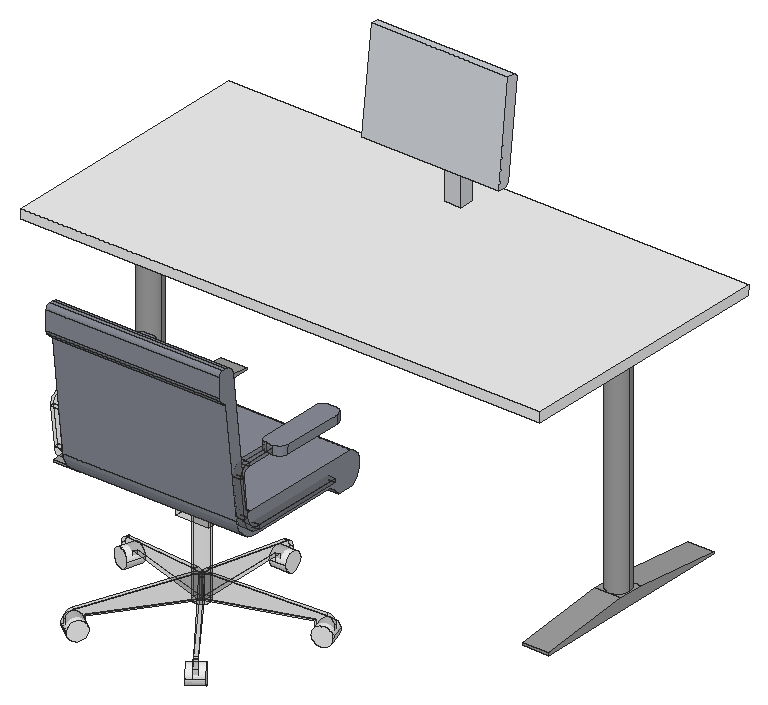
Revit family "Office Space", category Furniture, Revit 2015
Parameters (values of type "Office Space")
  Width = 1600 mm
  Space = 1600 mm
  Screen [instance] = yes
  Material Table Base [instance] = Stainless Steel
  Material Seat/Back [instance] = Slate Blue
  Material Plate [instance] = White
  Material Caster [instance] = Chrome Polished
  Material Chair Base [instance] = Plastic Black
  Height = 720 mm
  Divider [instance] = no
  Desk [instance] = Office Desk : Office Desk
  Depth = 800 mm
  Chair [instance] = Chair Task Arms : Chair Task Arms
Reference planes
  plane 1 "Center (Front/Back)": y = 0
  plane 2: z = 0
  plane 3 "Center (Left/Right)": x = 0
Lines and regions (mm)
  symbolic lines, style "InvisibleLines", detail levels coarse
    curve 1: line (-800, -2000, 0) -> (800, -2000, 0)
Dimensions and locks
  "Space": nested 1 to curve 1
  locked: nested 1 to nested 2 at 300
  aligned and locked: level to plane 2
Automatic sketch dimensions
  curve 1 to plane 3 "Center (Left/Right)" = 800 mm
  plane 3 "Center (Left/Right)" to curve 1 = 800 mm
Nested families
  nested 1: "Office Desk" at (190, 0, 0), Screen <- "Screen", Divider <- "Divider", Material Plate <- "Material Plate", Material Base <- "Material Table Base", Height <- "Height", Depth <- "Depth", Width <- "Width", type <- "Desk", type "Office Desk"
    with Width 1600 mm, Screen yes, Material Plate White, Material Base Stainless Steel, Height 720 mm, Divider no, Depth 800 mm
  nested 2: "Chair Task Arms" at (-140.991, -681.054, 0), Material Base <- "Material Chair Base", Material Seat/Back <- "Material Seat/Back", Material Caster <- "Material Caster", type <- "Chair", type "Chair Task Arms"
    with Material Seat/Back Slate Blue, Material Caster Chrome Polished, Material Base Plastic Black
Definition of nested family "Office Desk"
  Parameters
    Screen [instance] = yes
    Material Plate [instance] = none
    Material Base [instance] = none
    Height [instance] = 720 mm
    Divider [instance] = no
    Depth [instance] = 800 mm
    Width [instance] = 1600 mm
    Assembly Code = ""
  Reference planes
    plane 1 "Center (Front/Back)": y = 0
    plane 2: z = 0
    plane 3 "Center (Left/Right)": x = -190
    plane 4 "Tableheight": z = 720
    plane 5 "Left": x = -990
    plane 6: x = 610
    plane 7: y = 400
    plane 8: y = -400
    plane 9: x = -910
    plane 10: x = 530
  Forms (mm)
    Extrusion 1, solid, material <- "Material Plate"
      sketch origin (48.853, -30.184, 720) x (-1, 0, 0) y (0, -1, 0)
        loop
          line (1038.853, 369.816) -> (-561.147, 369.816) -> (-561.147, -430.184) -> (1038.853, -430.184) -> (1038.853, 369.816)
      from 0 to -30
    Extrusion 2, solid, material <- "Material Base"
      sketch origin (-1000, 1.534, 0) x (0, 1, 0) y (0, 0, 1)
        loop
          line (40, 35) -> (-40, 35) -> (-321.534, 5.732) -> (-321.534, 0) -> (0, 0) -> (318.466, 0) -> (318.466, 5.732) -> (40, 35)
      from 50 to 130
    Extrusion 3, solid, material <- "Material Base"
      sketch origin (-300, 0, 0) x (1, 0, 0) y (0, 1, 0)
        loop
          circle (-610, 0) r 35
      from 35 to 690
    Extrusion 4, solid, material <- "Material Base"
      sketch origin (520, 0, 0) x (0, -1, 0) y (0, 0, 1)
        loop
          line (-40, 35) -> (-318.466, 5.732) -> (-318.466, 0) -> (0, 0) -> (318.466, 0) -> (318.466, 5.732) -> (40, 35) -> (-40, 35)
      from -50 to 30
    Extrusion 5, solid, material <- "Material Base"
      sketch origin (-180, 0, 0) x (-1, 0, 0) y (0, -1, 0)
        loop
          circle (-710, 0) r 35
      from 35 to 690
    Extrusion 6, solid, material <- "Material Plate", visible <- "Divider"
      sketch origin (48.853, -30.184, 720) x (-1, 0, 0) y (0, -1, 0)
        loop
          line (1038.853, -430.184) -> (1038.853, -405.184) -> (-561.147, -405.184) -> (-561.147, -430.184) -> (1038.853, -430.184)
      from 0 to 400
  Dimensions and locks
    "Width": plane 5 "Left" to plane 6
    equal spacing: plane 5 "Left", plane 3 "Center (Left/Right)", plane 6
    "Depth": plane 7 to plane 8
    equal spacing: Extrusion 2, plane 9, Extrusion 2, locked at 40 each
    locked: plane 5 "Left" to plane 9 at 80
    equal spacing: Extrusion 4, plane 10, Extrusion 4, locked at 40 each
    locked: plane 10 to plane 6 at 80
    equal spacing: Extrusion 2, plane 1 "Center (Front/Back)", Extrusion 2
    equal spacing: plane 7, plane 1 "Center (Front/Back)", plane 8
    locked: plane 7 to nested 1 at 180
    "Height": plane 4 "Tableheight" to level
    aligned: plane 5 "Left" to Extrusion 1
    aligned and locked: plane 6 to Extrusion 1
    aligned: Extrusion 1 to plane 5 "Left"
    aligned and locked: Extrusion 1 to plane 6
    aligned and locked: plane 7 to Extrusion 1
    aligned and locked: Extrusion 1 to plane 8
    aligned and locked: Extrusion 1 to plane 5 "Left"
    aligned and locked: plane 3 "Center (Left/Right)" to nested 1
    aligned and locked: Extrusion 5 to Extrusion 1
    aligned and locked: Extrusion 3 to Extrusion 1
    aligned and locked: Extrusion 1 to nested 1
    aligned and locked: Extrusion 6 sketch curve to plane 6
  Automatic sketch dimensions
    Extrusion 2 sketch curve to Extrusion 2 sketch curve = 281.534 mm
    Extrusion 2 sketch curve to Extrusion 2 sketch curve = 40 mm  (x2)
    Extrusion 2 sketch curve to Extrusion 2 sketch curve = 278.466 mm
    Extrusion 2 sketch curve to Extrusion 2 sketch curve = 5.732 mm  (x2)
    Extrusion 2 sketch curve to Extrusion 2 sketch curve = 35 mm
    Extrusion 4 sketch curve to Extrusion 4 sketch curve = 278.466 mm  (x2)
    Extrusion 4 sketch curve to Extrusion 4 sketch curve = 40 mm  (x2)
    Extrusion 4 sketch curve to Extrusion 4 sketch curve = 5.732 mm  (x2)
    Extrusion 4 sketch curve to Extrusion 4 sketch curve = 35 mm
    Extrusion 1 sketch curve to plane 6 = 0 mm
    plane 5 "Left" to Extrusion 1 sketch curve = 0 mm
    plane 7 to Extrusion 1 sketch curve = 0 mm
    Extrusion 1 sketch curve to plane 8 = 0 mm
    Extrusion 2 sketch curve to level = 0 mm
    Extrusion 2 sketch curve to plane 1 "Center (Front/Back)" = 1.534 mm
    plane 1 "Center (Front/Back)" to Extrusion 3 sketch curve = 0 mm
    Extrusion 3 sketch curve to plane 9 = 0 mm
    Extrusion 4 sketch curve to level = 0 mm
    Extrusion 4 sketch curve to plane 1 "Center (Front/Back)" = 0 mm
    plane 1 "Center (Front/Back)" to Extrusion 5 sketch curve = 0 mm
    Extrusion 5 sketch curve to plane 10 = 0 mm
    Extrusion 6 sketch curve to plane 5 "Left" = 0 mm
    Extrusion 6 sketch curve to plane 7 = 0 mm
    Extrusion 6 sketch curve to Extrusion 6 sketch curve = 25 mm
    radius of Extrusion 3 sketch curve = 35 mm
    radius of Extrusion 5 sketch curve = 35 mm
  Nested families
    nested 1: "Computerscreen" at (-190, 220, 0), visible <- "Screen", type "Computerscreen"
      with table height 720 mm
  Definition of nested family "Computerscreen"
    Parameters
      table height [instance] = 720 mm
      material = none
    Reference planes
      plane 1 "Center (Front/Back)": y = 0
      plane 2: z = 0
      plane 3 "Center (Left/Right)": x = 0
      plane 4 "Table height": z = 720
    Forms (mm)
      Extrusion 1, solid
        sketch origin (-25, 0, 0) x (0, 1, 0) y (0, 0, 1)
          loop
            line (0, 1027.5) -> (0, 975.179) -> (12.755, 975.179)
            arc (12.755, 975.179) -> (17.084, 974.704) -> (21.208, 973.305) r 20
            line (21.208, 973.305) -> (32.831, 967.885)
            arc (32.831, 967.885) -> (41.246, 960.505) -> (44.378, 949.759) r 20
            line (44.378, 949.759) -> (44.378, 720) -> (84.378, 720) -> (84.378, 989.401)
            arc (84.378, 989.401) -> (81.246, 1000.147) -> (72.831, 1007.528) r 20
            line (72.831, 1007.528) -> (34.018, 1025.626)
            arc (34.018, 1025.626) -> (29.895, 1027.026) -> (25.566, 1027.5) r 20
            line (25.566, 1027.5) -> (0, 1027.5)
        from 0 to 50
      Extrusion 2, solid
        sketch origin (-210, -128.635, -30.513) x (0, 0.992546, -0.121869) y (0, 0.121869, 0.992546)
          loop
            line (-25, 1205.68) -> (-25, 904.467) -> (0, 904.467) -> (10.607, 915.074) -> (10.607, 1195.074) -> (0, 1205.68) -> (-25, 1205.68)
        from 0 to 420
    Dimensions and locks
      "table height": plane 4 "Table height" to level
      aligned: plane 4 "Table height" to Extrusion 1 sketch curve
    Automatic sketch dimensions
      plane 1 "Center (Front/Back)" to Extrusion 2 sketch curve = 43.222 mm
      plane 4 "Table height" to Extrusion 2 sketch curve = 150.259 mm
      Extrusion 2 sketch curve to Extrusion 2 sketch curve = 25 mm  (x2)
      Extrusion 2 sketch curve to Extrusion 2 sketch curve = 10.607 mm  (x3)
      Extrusion 2 sketch curve to Extrusion 2 sketch curve = 280 mm
      Extrusion 1 sketch curve to plane 1 "Center (Front/Back)" = 0 mm
      Extrusion 1 sketch curve to plane 4 "Table height" = 0 mm
      Extrusion 1 sketch curve to Extrusion 1 sketch curve = 12.755 mm
      Extrusion 1 sketch curve to Extrusion 1 sketch curve = 8.452 mm  (x3)
      Extrusion 1 sketch curve to Extrusion 1 sketch curve = 11.623 mm  (x2)
      Extrusion 1 sketch curve to Extrusion 1 sketch curve = 25.566 mm
      Extrusion 1 sketch curve to plane 1 "Center (Front/Back)" = 44.378 mm
      Extrusion 1 sketch curve to Extrusion 1 sketch curve = 31.548 mm
      Extrusion 1 sketch curve to Extrusion 1 sketch curve = 40 mm
      plane 4 "Table height" to Extrusion 1 sketch curve = 229.759 mm
      Extrusion 1 sketch curve to Extrusion 1 sketch curve = 5.42 mm  (x2)
      Extrusion 1 sketch curve to Extrusion 1 sketch curve = 21.517 mm
      Extrusion 1 sketch curve to Extrusion 1 sketch curve = 34.195 mm
      Extrusion 1 sketch curve to Extrusion 1 sketch curve = 18.126 mm
Definition of nested family "Chair Task Arms"
  Parameters
    Assembly Code = ""
    Material Base [instance] = none
    Material Caster [instance] = none
    Material Seat/Back [instance] = none
  Reference planes
    plane 1 "Center (Front/Back)": y = 18.946
    plane 2: z = 0
    plane 3 "Center (Left/Right)": x = 140.991
    plane 4: x = 458.491
    plane 5: x = -176.509
    plane 6: y = -323.954
    plane 7: y = 361.846
    plane 8: z = 889
    plane 9 "Seat": z = 457.2
    plane 10: y = 285.646
    plane 11: z = 863.6
    plane 12: y = -247.754
    plane 13: y = -222.354
    plane 14: z = 431.8
    plane 15: y = 260.246
    plane 16: z = 787.4
    plane 17: z = 355.6
    plane 18: x = 191.791
    plane 19: x = 90.191
    plane 20: x = 420.391
    plane 21: x = -138.409
    plane 22: z = 609.6
    plane 23: z = 609.6
  Forms (mm)
    Extrusion 1, solid, material <- "Material Seat/Back"
      sketch origin (458.491, 37.892, 0) x (0, 1, 0) y (0, 0, 1)
        loop
          arc (-255.01, 457.2) -> (-259.851, 456.241) -> (-263.96, 453.51) r 12.7
          line (-263.96, 453.51) -> (-281.896, 435.694)
          arc (-281.896, 435.694) -> (-284.671, 431.563) -> (-285.646, 426.684) r 12.7
          line (-285.646, 426.684) -> (-285.646, 391.641)
          arc (-285.646, 391.641) -> (-283.729, 381.96) -> (-278.266, 373.74) r 25.4
          line (-278.266, 373.74) -> (-260.247, 355.6) -> (-209.447, 355.6) -> (-181.074, 383.784) -> (107.109, 383.784)
          arc (107.109, 383.784) -> (157.745, 403.041) -> (182.787, 451.08) r 76.2
          line (182.787, 451.08) -> (222.354, 787.4) -> (244.034, 809.08)
          arc (244.034, 809.08) -> (246.787, 813.2) -> (247.754, 818.061) r 12.7
          line (247.754, 818.061) -> (247.754, 876.3)
          arc (247.754, 876.3) -> (244.034, 885.28) -> (235.054, 889) r 12.7
          line (235.054, 889) -> (222.179, 889)
          arc (222.179, 889) -> (205.3, 882.581) -> (196.953, 866.568) r 25.4
          line (196.953, 866.568) -> (151.431, 479.632)
          arc (151.431, 479.632) -> (143.084, 463.619) -> (126.205, 457.2) r 25.4
          line (126.205, 457.2) -> (-255.01, 457.2)
      from -50.8 to -584.2
    Extrusion 2, solid, material <- "Material Base"
      sketch origin (90.191, 37.892, 0) x (0, 1, 0) y (0, 0, 1)
        loop
          line (19.154, 383.784) -> (-69.746, 383.784) -> (-69.746, 371.084) -> (-18.946, 283.095) -> (19.154, 283.095) -> (19.154, 383.784)
      from 0 to 101.6
    Extrusion 3, solid, material <- "Material Base"
      sketch origin (140.991, 37.892, 0) x (0, -1, 0) y (0, 0, 1)
        loop
          line (18.946, 53.584) -> (311.046, 53.584) -> (311.046, 28.184) -> (361.846, 28.184) -> (361.846, 52.487)
          arc (361.846, 52.487) -> (355.903, 68.813) -> (340.857, 77.501) r 25.4
          line (340.857, 77.501) -> (44.346, 129.784) -> (18.946, 129.784) -> (18.946, 53.584)
      from 6.35 to -6.35
    Extrusion 4, solid, material <- "Material Caster"
      sketch origin (140.991, 37.892, 0) x (0, -1, 0) y (0, 0, 1)
        loop
          circle (336.446, 28.184) r 28.2
      from 25.4 to -25.4
    Extrusion 5, solid, material <- "Material Base"
      sketch origin (122.972, 24.801, 0) x (0.951057, -0.309017, 0) y (0, 0, 1)
        loop
          line (18.946, 53.584) -> (311.046, 53.584) -> (311.046, 28.184) -> (361.846, 28.184) -> (361.846, 52.487)
          arc (361.846, 52.487) -> (355.903, 68.813) -> (340.857, 77.501) r 25.4
          line (340.857, 77.501) -> (44.346, 129.784) -> (18.946, 129.784) -> (18.946, 53.584)
      from 6.35 to -6.35
    Extrusion 6, solid, material <- "Material Caster"
      sketch origin (122.972, 24.801, 0) x (0.951057, -0.309017, 0) y (0, 0, 1)
        loop
          circle (336.446, 28.184) r 28.2
      from 25.4 to -25.4
    Extrusion 7, solid, material <- "Material Base"
      sketch origin (129.855, 3.618, 0) x (0.587785, 0.809017, 0) y (0, 0, 1)
        loop
          line (18.946, 53.584) -> (311.046, 53.584) -> (311.046, 28.184) -> (361.846, 28.184) -> (361.846, 52.487)
          arc (361.846, 52.487) -> (355.903, 68.813) -> (340.857, 77.501) r 25.4
          line (340.857, 77.501) -> (44.346, 129.784) -> (18.946, 129.784) -> (18.946, 53.584)
      from 6.35 to -6.35
    Extrusion 8, solid, material <- "Material Caster"
      sketch origin (129.855, 3.618, 0) x (0.587785, 0.809017, 0) y (0, 0, 1)
        loop
          circle (336.446, 28.184) r 28.2
      from 25.4 to -25.4
    Extrusion 9, solid, material <- "Material Base"
      sketch origin (152.127, 3.618, 0) x (-0.587785, 0.809017, 0) y (0, 0, 1)
        loop
          line (18.946, 53.584) -> (311.046, 53.584) -> (311.046, 28.184) -> (361.846, 28.184) -> (361.846, 52.487)
          arc (361.846, 52.487) -> (355.903, 68.813) -> (340.857, 77.501) r 25.4
          line (340.857, 77.501) -> (44.346, 129.784) -> (18.946, 129.784) -> (18.946, 53.584)
      from 6.35 to -6.35
    Extrusion 10, solid, material <- "Material Caster"
      sketch origin (152.127, 3.618, 0) x (-0.587785, 0.809017, 0) y (0, 0, 1)
        loop
          circle (336.446, 28.184) r 28.2
      from 25.4 to -25.4
    Extrusion 11, solid, material <- "Material Base"
      sketch origin (159.009, 24.801, 0) x (-0.951057, -0.309017, 0) y (0, 0, 1)
        loop
          line (18.946, 53.584) -> (311.046, 53.584) -> (311.046, 28.184) -> (361.846, 28.184) -> (361.846, 52.487)
          arc (361.846, 52.487) -> (355.903, 68.813) -> (340.857, 77.501) r 25.4
          line (340.857, 77.501) -> (44.346, 129.784) -> (18.946, 129.784) -> (18.946, 53.584)
      from 6.35 to -6.35
    Extrusion 12, solid, material <- "Material Caster"
      sketch origin (159.009, 24.801, 0) x (-0.951057, -0.309017, 0) y (0, 0, 1)
        loop
          circle (336.446, 28.184) r 28.2
      from 25.4 to -25.4
    Extrusion 13, solid, material <- "Material Base"
      sketch origin (281.982, 37.892, 0) x (-1, 0, 0) y (0, -1, 0)
        loop
          circle (140.991, 18.946) r 25.4
      from 53.584 to 384.175
    Sweep 14, solid, material <- "Material Base"
      path origin (-138.409, 37.892, 0) x (0, 1, 0) y (0, 0, 1)
        loop
          line (-167.032, 419.1) -> (128.329, 419.1)
          arc (128.329, 419.1) -> (162.087, 431.938) -> (178.781, 463.964) r 50.8
          line (178.781, 463.964) -> (192.578, 581.232)
          arc (192.578, 581.232) -> (186.332, 601.079) -> (167.352, 609.6) r 25.4
          line (167.352, 609.6) -> (-18.946, 609.6)
      profile origin (420.391, 18.54, 0) x (0, 0, 1) y (1, 0, 0)
        loop
          line (425.45, -546.1) -> (412.75, -546.1) -> (412.75, -571.5) -> (425.45, -571.5) -> (425.45, -546.1)
    Sweep 15, solid, material <- "Material Base"
      path origin (420.391, 37.892, 0) x (0, 1, 0) y (0, 0, 1)
        loop
          line (-167.032, 419.1) -> (126.239, 419.1)
          arc (126.239, 419.1) -> (159.996, 431.938) -> (176.691, 463.964) r 50.8
          line (176.691, 463.964) -> (190.487, 581.232)
          arc (190.487, 581.232) -> (184.242, 601.079) -> (165.261, 609.6) r 25.4
          line (165.261, 609.6) -> (-18.946, 609.6)
      profile origin (-138.409, 17.495, 0) x (0, 0, 1) y (1, 0, 0)
        loop
          line (412.75, 546.1) -> (425.45, 546.1) -> (425.45, 571.5) -> (412.75, 571.5) -> (412.75, 546.1)
    Extrusion 16, solid, material <- "Material Seat/Back"
      sketch origin (-125.709, -129.14, 425.45) x (0, 1, 0) y (-1, 0, 0)
        loop
          line (241.235, 6.35) -> (241.235, 25.4)
          arc (241.235, 25.4) -> (233.795, 43.361) -> (215.835, 50.8) r 25.4
          line (215.835, 50.8) -> (25.4, 50.8)
          arc (25.4, 50.8) -> (7.439, 43.361) -> (0, 25.4) r 25.4
          line (0, 25.4) -> (0, 6.35)
          arc (0, 6.35) -> (7.439, -11.611) -> (25.4, -19.05) r 25.4
          line (25.4, -19.05) -> (215.835, -19.05)
          arc (215.835, -19.05) -> (233.795, -11.611) -> (241.235, 6.35) r 25.4
        loop
          line (240.19, -558.8) -> (240.19, -539.75)
          arc (240.19, -539.75) -> (232.75, -521.789) -> (214.79, -514.35) r 25.4
          line (214.79, -514.35) -> (25.4, -514.35)
          arc (25.4, -514.35) -> (7.439, -521.789) -> (0, -539.75) r 25.4
          line (0, -539.75) -> (0, -558.8)
          arc (0, -558.8) -> (7.439, -576.761) -> (25.4, -584.2) r 25.4
          line (25.4, -584.2) -> (214.79, -584.2)
          arc (214.79, -584.2) -> (232.75, -576.761) -> (240.19, -558.8) r 25.4
      from 171.45 to 196.85
  Lines and regions (mm)
    Masking region 1
      outline origin (281.982, 37.892, 457.2) x (0, 1, 0) y (-1, 0, 0)
        loop
          arc (126.205, -74.909) -> (141.084, -110.83) -> (177.005, -125.709) r 50.8
          line (177.005, -125.709) -> (222.354, -125.709)
          arc (222.354, -125.709) -> (240.315, -118.27) -> (247.754, -100.309) r 25.4
          line (247.754, -100.309) -> (247.754, 382.291)
          arc (247.754, 382.291) -> (240.315, 400.251) -> (222.354, 407.691) r 25.4
          line (222.354, 407.691) -> (177.005, 407.691)
          arc (177.005, 407.691) -> (141.084, 392.812) -> (126.205, 356.891) r 50.8
          line (126.205, 356.891) -> (126.205, -74.909)
    Masking region 2
      outline origin (281.982, 37.892, 457.2) x (0, 1, 0) y (-1, 0, 0)
        loop
          line (-281.896, -132.059) -> (-168.214, -132.059)
          arc (-168.214, -132.059) -> (-158.755, -109.222) -> (-135.918, -99.763) r 32.296
          line (-135.918, -99.763) -> (43.787, -99.763)
          arc (43.787, -99.763) -> (66.624, -109.222) -> (76.084, -132.059) r 32.296
          line (76.084, -132.059) -> (218.634, -132.059)
          arc (218.634, -132.059) -> (232.832, -127.721) -> (242.18, -116.187) r 25.4
          arc (242.18, -116.187) -> (233.351, -123.205) -> (222.354, -125.709) r 25.4
          line (222.354, -125.709) -> (177.005, -125.709)
          arc (177.005, -125.709) -> (141.084, -110.83) -> (126.205, -74.909) r 50.8
          line (126.205, -74.909) -> (126.205, 356.891)
          arc (126.205, 356.891) -> (141.084, 392.812) -> (177.005, 407.691) r 50.8
          line (177.005, 407.691) -> (222.354, 407.691)
          arc (222.354, 407.691) -> (233.351, 405.187) -> (242.18, 398.169) r 25.4
          arc (242.18, 398.169) -> (232.832, 409.702) -> (218.634, 414.041) r 25.4
          line (218.634, 414.041) -> (77.12, 414.041)
          arc (77.12, 414.041) -> (67.664, 391.213) -> (44.836, 381.757) r 32.284
          line (44.836, 381.757) -> (-135.924, 381.757)
          arc (-135.924, 381.757) -> (-158.752, 391.213) -> (-168.208, 414.041) r 32.284
          line (-168.208, 414.041) -> (-281.896, 414.041) -> (-281.896, -132.059)
    Masking region 3
      outline origin (281.982, 37.892, 457.2) x (0, 1, 0) y (-1, 0, 0)
        loop
          arc (-168.214, -151.084) -> (-160.549, -169.591) -> (-142.042, -177.256) r 26.172
          line (-142.042, -177.256) -> (49.214, -177.256)
          arc (49.214, -177.256) -> (68.214, -169.386) -> (76.084, -150.387) r 26.869
          line (76.084, -150.387) -> (76.084, -132.059)
          arc (76.084, -132.059) -> (66.624, -109.222) -> (43.787, -99.763) r 32.296
          line (43.787, -99.763) -> (-135.918, -99.763)
          arc (-135.918, -99.763) -> (-158.755, -109.222) -> (-168.214, -132.059) r 32.296
          line (-168.214, -132.059) -> (-168.214, -151.084)
        loop
          line (-168.208, 433.067) -> (-168.208, 414.041)
          arc (-168.208, 414.041) -> (-158.752, 391.213) -> (-135.924, 381.757) r 32.284
          line (-135.924, 381.757) -> (44.836, 381.757)
          arc (44.836, 381.757) -> (67.664, 391.213) -> (77.12, 414.041) r 32.284
          line (77.12, 414.041) -> (77.12, 432.371)
          arc (77.12, 432.371) -> (69.251, 451.367) -> (50.255, 459.235) r 26.864
          line (50.255, 459.235) -> (-142.04, 459.235)
          arc (-142.04, 459.235) -> (-160.544, 451.571) -> (-168.208, 433.067) r 26.168
    symbolic lines, not visible
      curve 1: line (382.291, 285.646, 0) -> (-100.309, 285.646, 0)
      curve 2: line (407.691, 260.246, 0) -> (407.691, 214.897, 0)
      curve 3: line (356.891, 164.097, 0) -> (-74.909, 164.097, 0)
      curve 4: line (-125.709, 260.246, 0) -> (-125.709, 214.897, 0)
      curve 5: arc (356.891, 164.097, 0) -> (392.812, 178.976, 0) -> (407.691, 214.897, 0) r 50.8
      curve 6: arc (-74.909, 164.097, 0) -> (-110.83, 178.976, 0) -> (-125.709, 214.897, 0) r 50.8
      curve 7: arc (407.691, 260.246, 0) -> (400.251, 278.206, 0) -> (382.291, 285.646, 0) r 25.4
      curve 8: arc (-125.709, 260.246, 0) -> (-118.27, 278.206, 0) -> (-100.309, 285.646, 0) r 25.4
      curve 9: line (414.041, -244.004, 0) -> (-132.059, -244.004, 0)
      curve 10: line (414.041, 113.975, 0) -> (414.041, 256.526, 0)
      curve 11: line (388.641, 281.926, 0) -> (-106.659, 281.926, 0)
      curve 12: line (-132.059, 115.012, 0) -> (-132.059, 256.526, 0)
      curve 13: arc (414.041, 256.526, 0) -> (406.601, 274.487, 0) -> (388.641, 281.926, 0) r 25.4
      curve 14: arc (-132.059, 256.526, 0) -> (-124.62, 274.487, 0) -> (-106.659, 281.926, 0) r 25.4
      curve 15: line (381.744, 81.679, 0) -> (381.744, -98.026, 0)
      curve 16: line (459.238, -104.151, 0) -> (459.238, 87.106, 0)
      curve 17: line (414.041, -130.322, 0) -> (433.066, -130.322, 0)
      curve 18: arc (433.066, -130.322, 0) -> (451.572, -122.657, 0) -> (459.238, -104.151, 0) r 26.172
      curve 19: arc (381.744, -98.026, 0) -> (391.204, -120.863, 0) -> (414.041, -130.322, 0) r 32.296
      curve 20: arc (459.238, 87.106, 0) -> (451.368, 106.106, 0) -> (432.369, 113.975, 0) r 26.869
      curve 21: arc (414.041, 113.975, 0) -> (391.204, 104.516, 0) -> (381.744, 81.679, 0) r 32.296
      curve 22: line (432.369, 113.975, 0) -> (414.041, 113.975, 0)
      curve 23: line (-99.776, -98.033, 0) -> (-99.776, 82.728, 0)
      curve 24: arc (-132.059, -130.316, 0) -> (-109.231, -120.861, 0) -> (-99.776, -98.033, 0) r 32.284
      curve 25: line (-151.085, -130.316, 0) -> (-132.059, -130.316, 0)
      curve 26: arc (-151.085, -130.316, 0) -> (-169.589, -122.652, 0) -> (-177.253, -104.148, 0) r 26.168
      curve 27: line (-177.253, 88.147, 0) -> (-177.253, -104.148, 0)
      curve 28: arc (-150.389, 115.012, 0) -> (-169.385, 107.143, 0) -> (-177.253, 88.147, 0) r 26.864
      curve 29: line (-132.059, 115.012, 0) -> (-150.389, 115.012, 0)
      curve 30: arc (-132.059, 115.012, 0) -> (-109.231, 105.556, 0) -> (-99.776, 82.728, 0) r 32.284
      curve 31: line (414.041, -244.004, 0) -> (414.041, -130.322, 0)
      curve 32: line (-132.059, -244.004, 0) -> (-132.059, -130.316, 0)
  Dimensions and locks
    equal spacing: plane 5, plane 3 "Center (Left/Right)", plane 4
    plane 5 to plane 4 = 635 mm
    equal spacing: plane 6, plane 1 "Center (Front/Back)", plane 7
    plane 6 to plane 7 = 685.8 mm
    aligned and locked: Masking region 1 sketch curve to curve 6
    aligned and locked: Masking region 1 sketch curve to curve 8
    aligned and locked: Masking region 1 sketch curve to curve 7
    aligned and locked: Masking region 1 sketch curve to curve 5
    aligned and locked: Masking region 2 sketch curve to curve 31
    aligned and locked: Masking region 2 sketch curve to curve 10
    aligned and locked: Masking region 2 sketch curve to curve 13
    aligned and locked: Masking region 2 sketch curve to curve 14
    aligned and locked: Masking region 2 sketch curve to curve 32
    aligned and locked: Masking region 2 sketch curve to curve 9
    aligned and locked: Masking region 2 sketch curve to curve 7
    aligned and locked: Masking region 2 sketch curve to curve 5
    aligned and locked: Masking region 2 sketch curve to curve 6
    aligned and locked: Masking region 2 sketch curve to curve 8
    aligned and locked: Masking region 2 sketch curve to curve 21
    aligned and locked: Masking region 2 sketch curve to curve 19
    aligned and locked: Masking region 2 sketch curve to curve 24
    aligned and locked: Masking region 2 sketch curve to curve 30
    aligned and locked: Masking region 3 sketch curve to curve 18
    aligned and locked: Masking region 3 sketch curve to curve 20
    aligned and locked: Masking region 3 sketch curve to curve 21
    aligned and locked: Masking region 3 sketch curve to curve 19
    aligned and locked: Masking region 3 sketch curve to curve 26
    aligned and locked: Masking region 3 sketch curve to curve 28
    aligned and locked: Masking region 3 sketch curve to curve 30
    aligned and locked: Masking region 3 sketch curve to curve 24
  Automatic sketch dimensions
    plane 5 to curve 27 = 0.744 mm
    plane 21 to curve 25 = 12.676 mm
    plane 21 to curve 28 = 11.98 mm
    curve 25 to plane 21 = 6.35 mm
    curve 12 to plane 21 = 6.35 mm
    curve 4 to plane 21 = 12.7 mm
    curve 8 to curve 11 = 19.05 mm
    curve 14 to curve 8 = 6.35 mm
    curve 30 to curve 23 = 32.284 mm
    curve 4 to curve 6 = 50.8 mm
    plane 20 to curve 3 = 63.5 mm
    plane 20 to curve 15 = 38.646 mm
    plane 20 to curve 7 = 38.1 mm
    curve 1 to curve 11 = 6.35 mm
    plane 20 to curve 2 = 12.7 mm
    plane 20 to curve 19 = 6.35 mm
    plane 20 to curve 10 = 6.35 mm
    curve 22 to plane 20 = 11.978 mm
    curve 18 to plane 20 = 12.675 mm
    curve 16 to plane 4 = 0.747 mm
    curve 32 to plane 6 = 79.95 mm
    curve 9 to curve 31 = 113.682 mm
    curve 9 to curve 32 = 113.688 mm
    curve 15 to plane 1 "Center (Front/Back)" = 62.733 mm
    curve 30 to plane 1 "Center (Front/Back)" = 63.782 mm
    curve 21 to curve 3 = 50.121 mm
    curve 4 to curve 14 = 41.629 mm
    curve 14 to curve 8 = 3.72 mm
    Extrusion 1 sketch curve to plane 12 = 0 mm
    plane 17 to Extrusion 1 sketch curve = 0 mm
    Extrusion 1 sketch curve to plane 13 = 0 mm
    plane 9 "Seat" to Extrusion 1 sketch curve = 0 mm
    plane 8 to Extrusion 1 sketch curve = 0 mm
    Extrusion 1 sketch curve to plane 11 = 0 mm
    Extrusion 1 sketch curve to plane 15 = 0 mm
    Extrusion 1 sketch curve to plane 10 = 0 mm
    Extrusion 1 sketch curve to plane 16 = 0 mm
    Extrusion 1 sketch curve to plane 12 = 3.75 mm
    Extrusion 1 sketch curve to plane 12 = 7.38 mm
    plane 14 to Extrusion 1 sketch curve = 5.116 mm
    Extrusion 1 sketch curve to plane 12 = 12.7 mm
    plane 13 to Extrusion 1 sketch curve = 3.715 mm
    plane 13 to Extrusion 1 sketch curve = 0.001 mm
    Extrusion 1 sketch curve to plane 13 = 5.236 mm
    Extrusion 1 sketch curve to plane 13 = 50.799 mm
    Extrusion 1 sketch curve to plane 17 = 28.184 mm
    Extrusion 1 sketch curve to Extrusion 1 sketch curve = 28.373 mm
    Extrusion 1 sketch curve to plane 9 "Seat" = 2.784 mm
    plane 15 to Extrusion 1 sketch curve = 115.245 mm
    Extrusion 1 sketch curve to Extrusion 1 sketch curve = 19.096 mm
    Extrusion 1 sketch curve to plane 9 "Seat" = 22.432 mm
    Extrusion 1 sketch curve to Extrusion 1 sketch curve = 25.226 mm
    plane 9 "Seat" to Extrusion 1 sketch curve = 6.12 mm
    plane 11 to Extrusion 1 sketch curve = 2.968 mm
    plane 15 to Extrusion 1 sketch curve = 25.401 mm
    Extrusion 1 sketch curve to Extrusion 1 sketch curve = 12.7 mm
    plane 10 to Extrusion 1 sketch curve = 12.7 mm
    plane 10 to Extrusion 1 sketch curve = 3.72 mm
    Extrusion 1 sketch curve to plane 17 = 18.14 mm
    plane 9 "Seat" to Extrusion 1 sketch curve = 12.7 mm
    plane 16 to Extrusion 1 sketch curve = 21.68 mm
    Extrusion 2 sketch curve to plane 1 "Center (Front/Back)" = 0 mm
    plane 1 "Center (Front/Back)" to Extrusion 2 sketch curve = 50.8 mm
    Extrusion 2 sketch curve to plane 1 "Center (Front/Back)" = 38.1 mm
    plane 9 "Seat" to Extrusion 2 sketch curve = 174.105 mm
    plane 9 "Seat" to Extrusion 2 sketch curve = 86.116 mm
    Extrusion 2 sketch curve to Extrusion 2 sketch curve = 12.7 mm
    Extrusion 3 sketch curve to plane 1 "Center (Front/Back)" = 0 mm
    Extrusion 3 sketch curve to plane 6 = 0 mm
    Extrusion 3 sketch curve to Extrusion 3 sketch curve = 25.4 mm  (x2)
    Extrusion 3 sketch curve to Extrusion 3 sketch curve = 50.8 mm
    Extrusion 3 sketch curve to plane 6 = 20.989 mm
    level to Extrusion 3 sketch curve = 28.184 mm
    Extrusion 3 sketch curve to Extrusion 3 sketch curve = 24.303 mm
    level to Extrusion 3 sketch curve = 53.584 mm
    Extrusion 3 sketch curve to Extrusion 3 sketch curve = 76.2 mm
    Extrusion 4 sketch curve to Extrusion 4 sketch curve = 0 mm  (x2)
    Extrusion 4 sketch curve to plane 6 = 25.4 mm
    level to Extrusion 4 sketch curve = 28.184 mm
    Extrusion 4 sketch curve to Extrusion 4 sketch curve = 28.2 mm
    level to Extrusion 5 sketch curve = 53.584 mm
    Extrusion 5 sketch curve to Extrusion 5 sketch curve = 25.4 mm  (x3)
    level to Extrusion 5 sketch curve = 28.184 mm
    Extrusion 5 sketch curve to Extrusion 5 sketch curve = 266.7 mm
    level to Extrusion 5 sketch curve = 77.501 mm
    Extrusion 5 sketch curve to Extrusion 5 sketch curve = 4.411 mm
    Extrusion 5 sketch curve to Extrusion 5 sketch curve = 76.2 mm
    Extrusion 6 sketch curve to Extrusion 6 sketch curve = 0 mm  (x2)
    level to Extrusion 6 sketch curve = 28.184 mm
    Extrusion 6 sketch curve to Extrusion 6 sketch curve = 28.2 mm
    level to Extrusion 7 sketch curve = 53.584 mm
    Extrusion 7 sketch curve to Extrusion 7 sketch curve = 25.4 mm  (x3)
    level to Extrusion 7 sketch curve = 28.184 mm
    Extrusion 7 sketch curve to Extrusion 7 sketch curve = 266.7 mm
    level to Extrusion 7 sketch curve = 77.501 mm
    Extrusion 7 sketch curve to Extrusion 7 sketch curve = 4.411 mm
    Extrusion 7 sketch curve to Extrusion 7 sketch curve = 76.2 mm
    Extrusion 8 sketch curve to Extrusion 8 sketch curve = 0 mm  (x2)
    level to Extrusion 8 sketch curve = 28.184 mm
    Extrusion 8 sketch curve to Extrusion 8 sketch curve = 28.2 mm
    level to Extrusion 9 sketch curve = 53.584 mm
    Extrusion 9 sketch curve to Extrusion 9 sketch curve = 25.4 mm  (x3)
    level to Extrusion 9 sketch curve = 28.184 mm
    Extrusion 9 sketch curve to Extrusion 9 sketch curve = 266.7 mm
    level to Extrusion 9 sketch curve = 77.501 mm
    Extrusion 9 sketch curve to Extrusion 9 sketch curve = 4.411 mm
    Extrusion 9 sketch curve to Extrusion 9 sketch curve = 76.2 mm
    Extrusion 10 sketch curve to Extrusion 10 sketch curve = 0 mm  (x2)
    level to Extrusion 10 sketch curve = 28.184 mm
    Extrusion 10 sketch curve to Extrusion 10 sketch curve = 28.2 mm
    level to Extrusion 11 sketch curve = 53.584 mm
    Extrusion 11 sketch curve to Extrusion 11 sketch curve = 25.4 mm  (x3)
    level to Extrusion 11 sketch curve = 28.184 mm
    Extrusion 11 sketch curve to Extrusion 11 sketch curve = 266.7 mm
    level to Extrusion 11 sketch curve = 77.501 mm
    Extrusion 11 sketch curve to Extrusion 11 sketch curve = 4.411 mm
    Extrusion 11 sketch curve to Extrusion 11 sketch curve = 76.2 mm
    Extrusion 12 sketch curve to Extrusion 12 sketch curve = 0 mm  (x2)
    level to Extrusion 12 sketch curve = 28.184 mm
    Extrusion 12 sketch curve to Extrusion 12 sketch curve = 28.2 mm
    Extrusion 13 sketch curve to Extrusion 13 sketch curve = 0 mm  (x2)
    plane 1 "Center (Front/Back)" to Extrusion 13 sketch curve = 0 mm
    Extrusion 13 sketch curve to plane 3 "Center (Left/Right)" = 0 mm
    Extrusion 13 sketch curve to Extrusion 13 sketch curve = 25.4 mm
    Sweep 14 sketch curve to plane 1 "Center (Front/Back)" = 0 mm
    plane 22 to Sweep 14 sketch curve = 0 mm
    Sweep 14 sketch curve to plane 9 "Seat" = 12.7 mm
    Sweep 14 sketch curve to plane 1 "Center (Front/Back)" = 147.275 mm
    Sweep 14 sketch curve to Sweep 14 sketch curve = 39.022 mm
    Sweep 14 sketch curve to plane 9 "Seat" = 6.764 mm
    Sweep 14 sketch curve to Sweep 14 sketch curve = 50.452 mm
    plane 22 to Sweep 14 sketch curve = 28.368 mm
    Sweep 14 sketch curve to Sweep 14 sketch curve = 25.226 mm
    plane 1 "Center (Front/Back)" to Sweep 14 sketch curve = 148.086 mm
    Sweep 15 sketch curve to plane 1 "Center (Front/Back)" = 0 mm
    Sweep 15 sketch curve to plane 23 = 0 mm
    Sweep 15 sketch curve to plane 9 "Seat" = 12.7 mm
    Sweep 15 sketch curve to plane 1 "Center (Front/Back)" = 145.185 mm
    Sweep 15 sketch curve to Sweep 15 sketch curve = 39.022 mm
    Sweep 15 sketch curve to plane 9 "Seat" = 6.764 mm
    Sweep 15 sketch curve to Sweep 15 sketch curve = 50.452 mm
    Sweep 15 sketch curve to plane 23 = 28.368 mm
    Sweep 15 sketch curve to Sweep 15 sketch curve = 25.226 mm
    plane 1 "Center (Front/Back)" to Sweep 15 sketch curve = 148.086 mm
    Extrusion 16 sketch curve to Sweep 14 = 0 mm  (x3)
    Sweep 14 to Extrusion 16 sketch curve = 0 mm
    Extrusion 16 sketch curve to Sweep 14 = 6.35 mm  (x2)
    Sweep 14 to Extrusion 16 sketch curve = 25.4 mm  (x3)
    Extrusion 16 sketch curve to Extrusion 16 sketch curve = 0 mm  (x2)
    Extrusion 16 sketch curve to Sweep 14 = 80.572 mm
    Extrusion 16 sketch curve to Sweep 14 = 79.526 mm
    Extrusion 16 sketch curve to Extrusion 16 sketch curve = 25.4 mm
    Extrusion 16 sketch curve to Extrusion 16 sketch curve = 495.3 mm
    Extrusion 16 sketch curve to Extrusion 16 sketch curve = 19.05 mm
